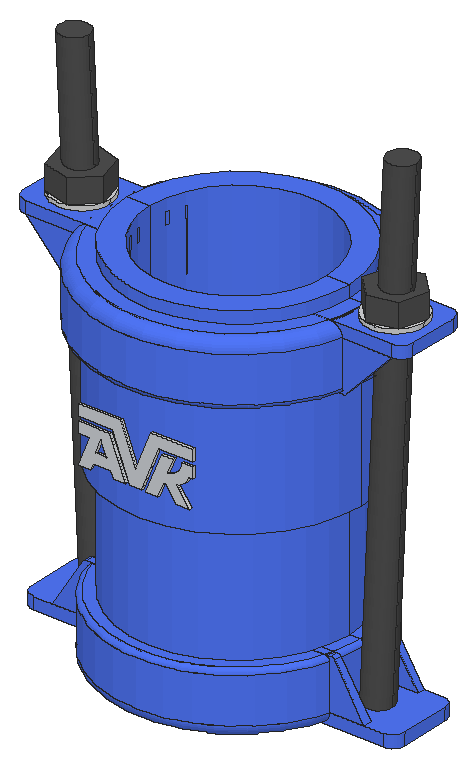
Revit family "602-1-002-DN40-50", category Pipe Accessories, Revit 2019
Family settings
  Round Connector Dimension = Use Diameter
  Part Type = Valve - Breaks Into
  Work Plane-Based = No
  Always vertical = Yes
  Cut with Voids When Loaded = No
  Shared = No
Parameters (values of type "DN40 - 50_46-63")
  URL_product_pages = "https://www.avkvalves.com/P.aspx?no=6020630746100"
  Side_length = if(DN > 49 mm, 174 mm, if(DN > 39 mm, 163 mm, 163 mm))  # 163 mm
  PCD = 137 mm  # constant formula
  L1 = 100 mm  # constant formula
  L = 217 mm  # constant formula
  ID = DN / 2  # 20.25 mm
  Description_ = "AVK UNIVERSAL SUPA® STEP COUPLING"
  DN_Ref_2 = DN3 / 2  # 31.5 mm
  DN_Ref = DN2 / 2  # 37 mm
  DN50 - 80_57-74 = "602-074-106-6100"
  DN50 - 65_57-74 = "602-074-085-6100"
  DN40 - 65_46-63 = "602-063-085-6100"
  DN40 - 50_46-63 = "602-063-074-6100"
  DN3 = size_lookup(Search_table, "DN3", 0 mm, DN)  # 63 mm
  DN2 = size_lookup(Search_table, "DN2", 0 mm, DN)  # 74 mm
  DN = 40.5 mm
  Search_table = "602-1-002-DN40-50"
Types (5, lengths in mm): name | Side_length | ID | DN_Ref_2 | DN_Ref | DN3 | DN2 | DN
  (no name) | 163 | 20.25 | 31.5 | 37 | 63 | 74 | 40.5
  DN40 - 50_46-63 | 163 | 20.25 | 31.5 | 37 | 63 | 74 | 40.5
  DN40 - 65_46-63 | 163 | 20.3 | 31.5 | 42.5 | 63 | 85 | 40.6
  DN50 - 65_57-74 | 174 | 25.3 | 37 | 42.5 | 74 | 85 | 50.6
  DN50 - 80_57-74 | 174 | 25.4 | 37 | 45 | 74 | 90 | 50.8
Reference planes
  plane 1 "Center (Front/Back)": y = 0
  plane 2: z = 0
  plane 3 "Center (Left/Right)": x = 0
  plane 4: y = 15.5
  plane 5: y = -15.5
  plane 6: x = -81.5
  plane 7: x = 81.5
  plane 8: x = -76.5
  plane 9: y = -10.5
  plane 10: x = -76.5
  plane 11: y = 10.5
  plane 12: x = 76.5
  plane 13: y = 10.5
  plane 14: y = -10.5
  plane 15: x = 76.5
  plane 16: z = -75.952
  plane 17: z = -70.952
  plane 18: z = -80.952
  plane 19: z = 136.048
  plane 20: x = 68.5
  plane 21: x = -68.5
  plane 22: z = 77.609
  plane 23: z = 87.609
  plane 24: z = 50
  plane 25: z = -50
  plane 26: z = 80.952
  plane 27: x = 33
  plane 28: z = -80.952
  plane 29: x = 38
  plane 30: z = 75.952
  plane 31: x = 58
  plane 32: x = 53
  plane 33: z = 70.952
  plane 34: z = 52.023
  plane 35: x = 55.977
  plane 36: x = 43
  plane 37: z = 35
  plane 38: z = -50
  plane 39: x = 58
  plane 40: z = -75.952
  plane 41: x = 43
  plane 42: x = 43
  plane 43: z = -35
  plane 44: z = -70.952
  plane 45: x = 53
  plane 46: x = 38
  plane 47: through (77.591, -1524, 72.121) normal (0.7314, 0, -0.682)
  plane 48: through (-79.201, -1524, 73.847) normal (0.7314, 0, 0.682)
  plane 49: z = 70.951
  plane 50: z = 50
  plane 51: x = 55.984
  plane 52: z = 50.716
  plane 53: x = -55.984
  plane 54: z = 50.716
  plane 55: x = -57.631
  plane 56: x = 57.631
Forms (mm)
  Revolve 1, solid, material "Plastic"
    sketch origin (0, 0, 0) x (1, 0, 0) y (0, 0, 1)
      loop
        line (46.516, -50) -> (46.516, 0) -> (51.516, 0) -> (51.516, 50) -> (55.977, 50)
        arc (55.977, 50) -> (57.407, 50.593) -> (58, 52.023) r 2.023
        line (58, 52.023) -> (58, 70.952)
        arc (58, 70.952) -> (56.536, 74.487) -> (53, 75.952) r 5
        line (53, 75.952) -> (46.516, 75.952) -> (46.516, 80.952) -> (0, 80.952) -> (0, -78.952) -> (38, -78.952) -> (38, -75.952) -> (48, -75.952)
        arc (48, -75.952) -> (51.536, -74.487) -> (53, -70.952) r 5
        line (53, -70.952) -> (53, -52.023)
        arc (53, -52.023) -> (52.407, -50.593) -> (50.977, -50) r 2.023
        line (50.977, -50) -> (46.516, -50)
      axis (0, -78.952) -> (0, 80.952)
    angle from 0 to 360
  Extrusion 2, solid, material "Plastic"
    sketch origin (0, 0, 0) x (0, -1, 0) y (1, 0, 0)
      loop
        line (-10.5, -81.5) -> (10.5, -81.5)
        arc (10.5, -81.5) -> (14.036, -80.036) -> (15.5, -76.5) r 5
        line (15.5, -76.5) -> (15.5, 76.5)
        arc (15.5, 76.5) -> (14.036, 80.036) -> (10.5, 81.5) r 5
        line (10.5, 81.5) -> (-10.5, 81.5)
        arc (-10.5, 81.5) -> (-14.036, 80.036) -> (-15.5, 76.5) r 5
        line (-15.5, 76.5) -> (-15.5, -76.5)
        arc (-15.5, -76.5) -> (-14.036, -80.036) -> (-10.5, -81.5) r 5
    from 75.952 to 70.951
  Extrusion 3, solid, material "Plastic"
    sketch origin (0, 0, 0) x (1, 0, 0) y (0, 1, 0)
      loop
        line (0, 15.5) -> (-73.008, 15.5)
        arc (-73.008, 15.5) -> (-76.543, 14.036) -> (-78.008, 10.5) r 5
        line (-78.008, 10.5) -> (-78.008, -10.5)
        arc (-78.008, -10.5) -> (-76.543, -14.036) -> (-73.008, -15.5) r 5
        line (-73.008, -15.5) -> (0, -15.5) -> (73.008, -15.5)
        arc (73.008, -15.5) -> (76.543, -14.036) -> (78.008, -10.5) r 5
        line (78.008, -10.5) -> (78.008, 10.5)
        arc (78.008, 10.5) -> (76.543, 14.036) -> (73.008, 15.5) r 5
        line (73.008, 15.5) -> (0, 15.5)
    from -75.952 to -70.952
  Extrusion 4, solid, material "Stainless Steel AISI 304(1)"
    sketch origin (0, 0, 0) x (1, 0, 0) y (0, 1, 0)
      loop
        circle (65.523, 0) r 12
      loop
        circle (-65.523, 0) r 12
    from 77.609 to 75.952
  Extrusion 5, solid, material "Plastic"
    sketch origin (0, 0, 0) x (1, 0, 0) y (0, 0, 1)
      loop
        line (76.5, 70.951) -> (0, 70.951) -> (-76.5, 70.951) -> (-57.631, 50.716)
        arc (-57.631, 50.716) -> (-56.882, 50.187) -> (-55.984, 50) r 2.253
        line (-55.984, 50) -> (0, 50) -> (55.984, 50)
        arc (55.984, 50) -> (56.882, 50.187) -> (57.631, 50.716) r 2.253
        line (57.631, 50.716) -> (76.5, 70.951)
    from 12.281 to 15.5
  Extrusion 6, solid, material "Plastic"
    sketch origin (0, 0, 0) x (1, 0, 0) y (0, 0, -1)
      loop
        line (76.5, -70.951) -> (57.631, -50.716)
        arc (57.631, -50.716) -> (56.882, -50.187) -> (55.984, -50) r 2.253
        line (55.984, -50) -> (0, -50) -> (-55.984, -50)
        arc (-55.984, -50) -> (-56.882, -50.187) -> (-57.631, -50.716) r 2.253
        line (-57.631, -50.716) -> (-76.5, -70.951) -> (0, -70.951) -> (76.5, -70.951)
    from 12.281 to 15.5
  Extrusion 7, solid, material "Plastic"
    sketch origin (0, 0, 0) x (1, 0, 0) y (0, 0, 1)
      loop
        line (0, -50) -> (-50.984, -50)
        arc (-50.984, -50) -> (-51.882, -50.187) -> (-52.631, -50.716) r 2.253
        line (-52.631, -50.716) -> (-65, -70.952) -> (0, -70.952) -> (65, -70.952) -> (52.631, -50.716)
        arc (52.631, -50.716) -> (51.882, -50.187) -> (50.984, -50) r 2.253
        line (50.984, -50) -> (0, -50)
    from 12.281 to 15.5
  Extrusion 8, solid, material "Plastic"
    sketch origin (0, 0, 0) x (1, 0, 0) y (0, 0, -1)
      loop
        line (-65, 70.952) -> (-52.631, 50.716)
        arc (-52.631, 50.716) -> (-51.882, 50.187) -> (-50.984, 50) r 2.253
        line (-50.984, 50) -> (50.984, 50)
        arc (50.984, 50) -> (51.882, 50.187) -> (52.631, 50.716) r 2.253
        line (52.631, 50.716) -> (65, 70.952) -> (0, 70.952) -> (-65, 70.952)
    from 12.281 to 15.5
  Extrusion 9, solid, material "Stainless Steel AISI 304"
    sketch origin (0, 0, 0) x (1, 0, 0) y (0, 1, 0)
      loop
        line (73.978, -8.485) -> (77.084, 3.106) -> (68.599, 11.591) -> (57.008, 8.485) -> (53.902, -3.106) -> (62.387, -11.591) -> (73.978, -8.485)
      loop
        line (-73.978, -8.485) -> (-62.387, -11.591) -> (-53.902, -3.106) -> (-57.008, 8.485) -> (-68.599, 11.591) -> (-77.084, 3.106) -> (-73.978, -8.485)
    from 77.609 to 87.609
  Revolve 10, solid, material "Stainless Steel AISI 304"
    sketch origin (10, 0, 0) x (-1, 0, 0) y (0, 0, 1)
      loop
        line (68.5, -75.952) -> (68.5, -80.952)
        arc (68.5, -80.952) -> (74.977, -79.568) -> (80.526, -75.952) r 18.148
        line (80.526, -75.952) -> (68.5, -75.952)
      axis (68.5, -80.952) -> (68.5, -75.952)
    angle from 0 to 360
  Revolve 11, solid, material "Stainless Steel AISI 304"
    sketch origin (-10, 0, 0) x (1, 0, 0) y (0, 0, 1)
      loop
        line (68.5, -75.952) -> (68.5, -80.952)
        arc (68.5, -80.952) -> (74.977, -79.568) -> (80.526, -75.952) r 18.148
        line (80.526, -75.952) -> (68.5, -75.952)
      axis (68.5, -80.952) -> (68.5, -75.952)
    angle from 0 to 360
  Blend 12, solid, material "Stainless Steel AISI 304"
    base sketch origin (0, 0, 0) x (1, 0, 0) y (0, 1, 0)
      loop
        circle (68.5, 0) r 6
    top sketch origin (0, 0, 0) x (1, 0, 0) y (0, 1, 0)
      loop
        circle (58.5, 0) r 6
    from 136.048 to -70.952
  Blend 13, solid, material "Stainless Steel AISI 304"
    base sketch origin (0, 0, 0) x (-1, 0, 0) y (0, -1, 0)
      loop
        circle (68.5, 0) r 6
    top sketch origin (0, 0, 0) x (-1, 0, 0) y (0, -1, 0)
      loop
        circle (58.5, 0) r 6
    from 136.048 to -70.952
  Revolve 14, void
    sketch origin (0, 0, 0) x (1, 0, 0) y (0, 0, 1)
      loop
        line (0, 80.952) -> (0, -78.952) -> (31.5, -78.952) -> (31.5, 0) -> (37, 0) -> (37, 80.952) -> (0, 80.952)
      axis (0, -78.952) -> (0, 80.952)
    angle from 0 to 360
Cuts and joins
  Revolve 14 cuts Revolve 1
  Revolve 14 cuts Extrusion 2
  Revolve 14 cuts Extrusion 3
  Revolve 14 cuts Extrusion 5
  Revolve 14 cuts Extrusion 6
  Revolve 14 cuts Extrusion 7
  Revolve 14 cuts Extrusion 8
Dimensions and locks
  equal spacing: plane 4, plane 1 "Center (Front/Back)", plane 5
  plane 4 to plane 5 = 31 mm
  equal spacing: plane 6, plane 3 "Center (Left/Right)", plane 7
  "Side_length": plane 6 to plane 7
  locked: plane 6 to plane 10 at 5
  locked: plane 4 to plane 11 at 5
  locked: plane 6 to plane 8 at 5
  locked: plane 5 to plane 9 at 5
  locked: plane 12 to plane 7 at 5
  locked: plane 4 to plane 13 at 5
  locked: plane 14 to plane 5 at 5
  locked: plane 15 to plane 7 at 5
  locked: level to plane 18 at 80.952
  "L": plane 19 to plane 18
  "L1": plane 24 to plane 25
  equal spacing: Extrusion 3 sketch curve, plane 3 "Center (Left/Right)", Extrusion 3 sketch curve
  "DN_Ref": Revolve 14 sketch curve to plane 3 "Center (Left/Right)"
  locked: plane 3 "Center (Left/Right)" to Blend 12 sketch curve at 68.5
  locked: plane 3 "Center (Left/Right)" to Blend 12 sketch curve at 58.5
  locked: Blend 13 sketch curve to plane 3 "Center (Left/Right)" at 58.5
  locked: Blend 13 sketch curve to plane 3 "Center (Left/Right)" at 68.5
  equal spacing: Extrusion 9 sketch curve, plane 3 "Center (Left/Right)", Extrusion 9 sketch curve
  locked: Extrusion 9 sketch curve to Extrusion 9 sketch curve at 137.198
  locked: Extrusion 4 sketch curve to Extrusion 4 sketch curve at 131.046
  equal spacing: Extrusion 4 sketch curve, plane 3 "Center (Left/Right)", Extrusion 4 sketch curve
  locked: plane 3 "Center (Left/Right)" to Revolve 10 sketch curve at 58.5
  locked: Revolve 11 sketch curve to plane 3 "Center (Left/Right)" at 58.5
  "DN_Ref_2": Revolve 14 sketch curve to plane 3 "Center (Left/Right)"
  radius of Revolve 10 sketch curve = 18.148 mm
  radius of Revolve 11 sketch curve = 18.148 mm
  diameter of Blend 12 sketch curve = 12 mm
  aligned and locked: level to plane 2
  aligned and locked: plane 10 to Extrusion 2 sketch curve
  aligned and locked: plane 4 to Extrusion 2 sketch curve  (x2)
  aligned and locked: plane 11 to Extrusion 2 sketch curve
  aligned and locked: plane 6 to Extrusion 2 sketch curve  (x2)
  aligned and locked: plane 9 to Extrusion 2 sketch curve
  aligned and locked: plane 5 to Extrusion 2 sketch curve  (x2)
  aligned and locked: plane 8 to Extrusion 2 sketch curve
  aligned and locked: plane 14 to Extrusion 2 sketch curve
  aligned and locked: plane 7 to Extrusion 2 sketch curve  (x2)
  aligned and locked: plane 15 to Extrusion 2 sketch curve
  aligned and locked: plane 13 to Extrusion 2 sketch curve
  aligned and locked: plane 12 to Extrusion 2 sketch curve
  aligned and locked: plane 17 to Extrusion 3
  aligned and locked: Extrusion 4 to Revolve 1
  aligned and locked: Extrusion 9 to Extrusion 4
  aligned and locked: plane 23 to Extrusion 9
  aligned and locked: Revolve 1 sketch curve to plane 26
  aligned and locked: plane 30 to Revolve 1 sketch curve  (x2)
  aligned and locked: plane 32 to Revolve 1 sketch curve
  aligned and locked: plane 31 to Revolve 1 sketch curve  (x2)
  aligned and locked: plane 33 to Revolve 1 sketch curve
  aligned and locked: plane 34 to Revolve 1 sketch curve
  aligned and locked: plane 24 to Revolve 1 sketch curve  (x2)
  aligned and locked: plane 35 to Revolve 1 sketch curve
  aligned and locked: plane 38 to Revolve 1 sketch curve  (x2)
  aligned and locked: plane 44 to Revolve 1 sketch curve
  aligned and locked: plane 40 to Revolve 1 sketch curve  (x2)
  aligned and locked: plane 46 to Revolve 1 sketch curve  (x2)
  aligned and locked: plane 51 to Extrusion 5 sketch curve
  aligned and locked: plane 47 to Extrusion 5 sketch curve
  aligned and locked: plane 50 to Extrusion 5 sketch curve
  aligned and locked: plane 53 to Extrusion 5 sketch curve
  aligned and locked: plane 54 to Extrusion 5 sketch curve
  aligned and locked: plane 55 to Extrusion 5 sketch curve
  aligned and locked: plane 56 to Extrusion 5 sketch curve
  aligned and locked: Extrusion 2 to Extrusion 4
  aligned and locked: Extrusion 3 to plane 16
  aligned and locked: Revolve 1 sketch curve to plane 3 "Center (Left/Right)"
  aligned and locked: Extrusion 8 sketch curve to Extrusion 7  (x2)
  aligned and locked: plane 19 to Blend 12
  aligned and locked: plane 19 to Blend 13
  aligned and locked: Revolve 1 sketch curve to level
  aligned and locked: Revolve 1 to Extrusion 7
  aligned and locked: plane 3 "Center (Left/Right)" to Revolve 14 sketch curve  (x2)
  aligned and locked: Revolve 10 sketch curve to cut or joined group of Extrusion 3, Revolve 14
  aligned and locked: cut or joined group of Extrusion 3, Revolve 14 to Revolve 11 sketch curve
  aligned and locked: level to Revolve 14 sketch curve
  aligned and locked: cut or joined group of Revolve 1, Revolve 14 to Revolve 14 sketch curve
  aligned and locked: Extrusion 5 to cut or joined group of Extrusion 2, Revolve 14
  aligned and locked: Extrusion 6 to cut or joined group of Extrusion 2, Revolve 14
  aligned and locked: Blend 12 to Extrusion 7
  aligned and locked: Extrusion 8 to Blend 12
Automatic sketch dimensions
  Extrusion 3 sketch curve to plane 3 "Center (Left/Right)" = 0 mm  (x2)
  Extrusion 3 sketch curve to plane 21 = 4.508 mm  (x2)
  plane 20 to Extrusion 3 sketch curve = 4.508 mm  (x2)
  plane 1 "Center (Front/Back)" to Extrusion 3 sketch curve = 15.5 mm
  Extrusion 3 sketch curve to plane 1 "Center (Front/Back)" = 10.5 mm
  Extrusion 5 sketch curve to plane 48 = 0 mm
  Extrusion 5 sketch curve to plane 49 = 0 mm
  Extrusion 5 sketch curve to plane 3 "Center (Left/Right)" = 0 mm  (x2)
  Extrusion 5 sketch curve to plane 47 = 0 mm
  Extrusion 6 sketch curve to plane 24 = 0 mm
  Extrusion 6 sketch curve to plane 3 "Center (Left/Right)" = 0 mm  (x2)
  plane 24 to Extrusion 6 sketch curve = 2.253 mm  (x2)
  plane 21 to Extrusion 6 sketch curve = 12.516 mm
  plane 24 to Extrusion 6 sketch curve = 0.716 mm  (x2)
  Extrusion 6 sketch curve to plane 21 = 8 mm
  Extrusion 6 sketch curve to plane 20 = 12.516 mm
  plane 20 to Extrusion 6 sketch curve = 8 mm
  Extrusion 6 sketch curve to plane 22 = 6.658 mm
  Extrusion 7 sketch curve to plane 17 = 0 mm
  Extrusion 7 sketch curve to plane 25 = 0 mm
  Extrusion 7 sketch curve to plane 3 "Center (Left/Right)" = 0 mm  (x2)
  Extrusion 7 sketch curve to plane 21 = 17.516 mm
  plane 25 to Extrusion 7 sketch curve = 0.716 mm  (x2)
  Extrusion 7 sketch curve to Extrusion 7 sketch curve = 1.648 mm  (x2)
  Extrusion 7 sketch curve to plane 21 = 3.5 mm
  plane 20 to Extrusion 7 sketch curve = 17.516 mm
  plane 20 to Extrusion 7 sketch curve = 3.5 mm
  Extrusion 8 sketch curve to plane 3 "Center (Left/Right)" = 0 mm
  Revolve 10 sketch curve to plane 18 = 0 mm
  Revolve 10 sketch curve to plane 21 = 10.491 mm
  Revolve 10 sketch curve to Revolve 10 sketch curve = 0 mm
  Revolve 10 sketch curve to Revolve 10 sketch curve = 5 mm  (x2)
  Revolve 11 sketch curve to plane 18 = 0 mm
  Revolve 11 sketch curve to plane 20 = 10.491 mm
  Revolve 11 sketch curve to Revolve 11 sketch curve = 0 mm
  Revolve 11 sketch curve to Revolve 11 sketch curve = 5 mm  (x2)
  plane 1 "Center (Front/Back)" to Blend 12 sketch curve = 0 mm  (x2)
  Blend 12 sketch curve to Blend 12 sketch curve = 6 mm
  plane 1 "Center (Front/Back)" to Blend 13 sketch curve = 0 mm  (x2)
  Blend 13 sketch curve to Blend 13 sketch curve = 6 mm  (x2)
  Extrusion 8 sketch curve to plane 17 = 0 mm
  Extrusion 8 sketch curve to plane 25 = 0 mm
  plane 21 to Extrusion 8 sketch curve = 17.516 mm
  Extrusion 8 sketch curve to plane 25 = 0.716 mm  (x2)
  Extrusion 8 sketch curve to Extrusion 8 sketch curve = 1.648 mm  (x2)
  plane 21 to Extrusion 8 sketch curve = 3.5 mm
  Extrusion 8 sketch curve to plane 20 = 17.516 mm
  Extrusion 8 sketch curve to plane 20 = 3.5 mm
  Extrusion 3 sketch curve to Extrusion 3 sketch curve = 5 mm
  Extrusion 9 sketch curve to plane 1 "Center (Front/Back)" = 3.106 mm  (x2)
  Extrusion 9 sketch curve to plane 21 = 8.584 mm
  Extrusion 9 sketch curve to plane 21 = 5.478 mm
  plane 21 to Extrusion 9 sketch curve = 6.113 mm
  plane 21 to Extrusion 9 sketch curve = 11.492 mm
  plane 1 "Center (Front/Back)" to Extrusion 9 sketch curve = 3.106 mm  (x2)
  Extrusion 9 sketch curve to Extrusion 9 sketch curve = 3.106 mm
  Extrusion 9 sketch curve to plane 20 = 14.598 mm
  Extrusion 9 sketch curve to plane 20 = 11.492 mm
  Extrusion 9 sketch curve to plane 20 = 6.113 mm
  plane 20 to Extrusion 9 sketch curve = 5.478 mm
  plane 20 to Extrusion 9 sketch curve = 8.584 mm
  plane 1 "Center (Front/Back)" to Extrusion 9 sketch curve = 8.485 mm  (x2)
  plane 1 "Center (Front/Back)" to Extrusion 9 sketch curve = 11.591 mm  (x2)
  Extrusion 9 sketch curve to plane 1 "Center (Front/Back)" = 8.485 mm  (x2)
  Extrusion 9 sketch curve to plane 1 "Center (Front/Back)" = 11.591 mm  (x2)
  plane 1 "Center (Front/Back)" to Extrusion 4 sketch curve = 0 mm  (x2)
  Extrusion 4 sketch curve to plane 21 = 9.023 mm
  Extrusion 4 sketch curve to Extrusion 4 sketch curve = 12 mm
  Revolve 1 sketch curve to plane 3 "Center (Left/Right)" = 0 mm
  plane 32 to Revolve 1 sketch curve = 0 mm
  plane 36 to Revolve 1 sketch curve = 3.516 mm  (x2)
  Revolve 1 sketch curve to Revolve 1 sketch curve = 2.023 mm
  plane 32 to Revolve 1 sketch curve = 1.484 mm
  plane 18 to Revolve 1 sketch curve = 2 mm
  Revolve 1 sketch curve to plane 43 = 5 mm
  plane 33 to Revolve 1 sketch curve = 0.952 mm
  plane 22 to Revolve 14 sketch curve = 3.343 mm
  plane 23 to Revolve 14 sketch curve = 13.343 mm
  Revolve 14 sketch curve to plane 19 = 15.096 mm
Nested families
  nested 1: "LOGO - Copy - Copy.0005" at (-0.823, -51.51, 0) x (0.9999, -0.016, 0) z (-0.016, -0.9999, 0), type "LOGO - Copy - Copy.0005"
Connectors
  piping at (0, 0, 80.952), diameter 74, driven by "DN2"
    settings: on Revolve 1, index 1, connector inside diameter 609.6 mm, connector length 0 mm, flow factor 0, pipe flow 0.0 L/s, pressure drop 0.0 Pa, fitting loss kfactor 0, connector angle 0.00°, fixture units 0, engagement length 0 mm, angle of deflection 0.00°, flow configuration 0, flow direction 0, fitting loss method 0, system type 7, joint type 0, gender type 0, connector reference index -1, connector utility 0, adjustable connector no, is connector primary yes, connector description ""
  piping at (0, 0, -78.952), diameter 63, driven by "DN3"
    settings: on Revolve 1, index 2, connector inside diameter 609.6 mm, connector length 0 mm, flow factor 0, pipe flow 0.0 L/s, pressure drop 0.0 Pa, fitting loss kfactor 0, connector angle 0.00°, fixture units 0, engagement length 0 mm, angle of deflection 0.00°, flow configuration 0, flow direction 0, fitting loss method 0, system type 7, joint type 0, gender type 0, connector reference index -1, connector utility 0, adjustable connector no, is connector primary no, connector description ""
Definition of nested family "LOGO - Copy - Copy.0005"
  Parameters (values of type "LOGO - Copy - Copy.0005")
    Default Elevation = 1219.2 mm
  Reference planes
    plane 1 "Center (Front/Back)": y = 0
    plane 2: z = 0
    plane 3 "Center (Left/Right)": x = 0
  Forms (mm)
    Extrusion 1, solid
      sketch origin (0, 0, 0) x (1, 0, 0) y (0, 1, 0)
        loop
          line (-1219.2, 1219.2) -> (-1219.2, -1219.2) -> (1219.2, -1219.2) -> (1219.2, 1219.2) -> (-1219.2, 1219.2)
      from 0 to -304.8
    Extrusion 2, solid
      sketch origin (0, 0, 0) x (1, 0, 0) y (0, 1, 0)
        loop
          line (-6.514, 34.224) -> (-24, 34.224) -> (-24, 29.481) -> (-9.766, 29.481) -> (-2.391, 11.367) -> (2.391, 11.367) -> (9.766, 29.481) -> (24, 29.481) -> (24, 34.224) -> (6.514, 34.224) -> (0, 18.224) -> (-6.514, 34.224)
        loop
          line (-10.996, 27.653) -> (-24, 27.653) -> (-24, 23.081) -> (-19.503, 23.081) -> (-24, 11.367) -> (-18.92, 11.367) -> (-17.955, 13.881) -> (-10.51, 13.881) -> (-9.486, 11.367) -> (-4.365, 11.367) -> (-10.996, 27.653)
        loop
          line (-16.777, 18.224) -> (-12.278, 18.224) -> (-14.594, 23.912) -> (-16.777, 18.224)
        loop
          line (4.365, 11.367) -> (9.486, 11.367) -> (12.093, 17.77) -> (16.918, 11.367) -> (22.857, 11.367) -> (17.399, 18.61)
          arc (17.399, 18.61) -> (20.583, 20.18) -> (22.629, 23.081) r 7.2
          line (22.629, 23.081) -> (24, 23.081) -> (24, 27.653) -> (19.429, 27.653)
          arc (19.429, 27.653) -> (17.763, 23.526) -> (13.699, 21.714) r 5.943
          line (13.699, 21.714) -> (16.117, 27.653) -> (10.996, 27.653) -> (4.365, 11.367)
      from 0 to 1
  Dimensions and locks
    aligned and locked: plane 2 to Extrusion 1
    aligned and locked: level to Extrusion 1
    aligned and locked: Extrusion 2 sketch curve to import instance
